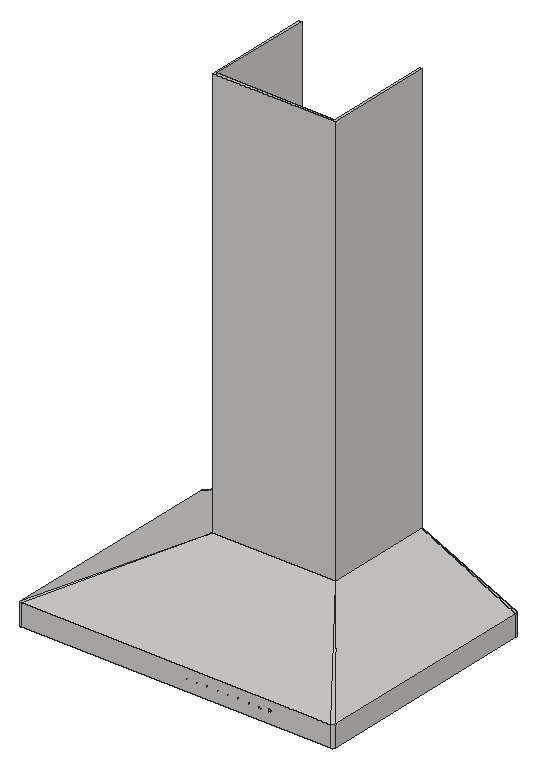
Revit family "fef2e2e671fe4ef48a44e0be9d03096d", category Specialty Equipment, Revit 2021
Family settings
  Round Connector Dimension = Use Diameter
  Part Type = Normal
  OmniClass Number = 23.40.40.14
  OmniClass Title = Food Service Equipment
  Work Plane-Based = No
  Always vertical = Yes
  Cut with Voids When Loaded = No
  Shared = No
  Room Calculation Point = No
Parameters (values of type "30"")
  Width = 2' - 6"
  Voltage = 120 V
  Vent Diameter = 0' - 6"
  Type Comments = ""
  Show Label = yes
  Power Consumption = 300 VA
  Label = "Vent Hood"
  Housing Depth = 0' - 2"
  Exhaust Flow = 600 CFM
  Description = "Wall Hood"
  Default Elevation = 0' - 0"
  Chase Width = 0' - 11 3/4"
  Depth = 1' - 10"
  Chase Height [instance] = 3' - 3 1/4"
  Chase Depth [instance] = 0' - 10.3189"
  Assembly Code = "E1090320"
  Vent Screen = Appliance - Vent Screen
  Appliance Finish = Appliance - Stainless Steel
  Amperage = Power Consumption / Voltage  # 2.5 A
Types (2): name | Width
  36" | 3' - 0"
  30" | 2' - 6"
Reference planes (in)
  plane 1 "Chase Front": y = 1.80709
  plane 2: z = 0
  plane 3 "Center (Left/Right)": x = 0
  plane 4 "Left": x = -15
  plane 5 "Right": x = 15
  plane 6 "Back": y = 12.12598
  plane 7 "Front Edge": y = -9.87402
  plane 8 "B.O. Chase": z = 6
  plane 9 "Ceiling": z = 45.25
  plane 10: x = -5.875
  plane 11: x = 5.875
  plane 12 "Transition": z = 2
  plane 13 "Chase Extension": z = 12
  plane 14: y = -4.87402
  plane 15 "Lights": y = -4.76772
  plane 16: y = -19.87402
Forms (in)
  Extrusion 1, solid, material "Appliance - Stainless Steel" <- "Appliance Finish"
    sketch origin (0, 0, 0) x (1, 0, 0) y (0, 1, 0)
      loop
        arc (-14.75, 12.12598) -> (-14.92678, 12.05276) -> (-15, 11.87598) r 0.25
        line (-15, 11.87598) -> (-15, -9.62402)
        arc (-15, -9.62402) -> (-14.92678, -9.80079) -> (-14.75, -9.87402) r 0.25
        line (-14.75, -9.87402) -> (14.75, -9.87402)
        arc (14.75, -9.87402) -> (14.92678, -9.80079) -> (15, -9.62402) r 0.25
        line (15, -9.62402) -> (15, 11.87598)
        arc (15, 11.87598) -> (14.92678, 12.05276) -> (14.75, 12.12598) r 0.25
        line (14.75, 12.12598) -> (-14.75, 12.12598)
      loop
        line (-13, 11.12598) -> (-13, -7.76772) -> (13, -7.76772) -> (13, 11.12598) -> (-13, 11.12598)
    from 0 to 2
  Blend 2, solid, material "Appliance - Stainless Steel" <- "Appliance Finish"
    base sketch origin (0, 0, 2) x (0, -1, 0) y (1, 0, 0)
      loop
        arc (-12.12598, -14.75) -> (-12.05276, -14.92678) -> (-11.87598, -15) r 0.25
        line (-11.87598, -15) -> (9.62402, -15)
        arc (9.62402, -15) -> (9.80079, -14.92678) -> (9.87402, -14.75) r 0.25
        line (9.87402, -14.75) -> (9.87402, 14.75)
        arc (9.87402, 14.75) -> (9.80079, 14.92678) -> (9.62402, 15) r 0.25
        line (9.62402, 15) -> (-11.87598, 15)
        arc (-11.87598, 15) -> (-12.05276, 14.92678) -> (-12.12598, 14.75) r 0.25
        line (-12.12598, 14.75) -> (-12.12598, -14.75)
    top sketch origin (0, 0, 2) x (0, -1, 0) y (1, 0, 0)
      loop
        line (-12.12598, -5.875) -> (-1.80709, -5.875) -> (-1.80709, 5.875) -> (-12.12598, 5.875) -> (-12.12598, -5.875)
    from 0 to 4
  Extrusion 3, solid, material "Appliance - Stainless Steel" <- "Appliance Finish"
    sketch origin (0, 0, 6) x (-1, 0, 0) y (0, -1, 0)
      loop
        line (5.875, -12.12598) -> (5.875, -1.80709) -> (-5.875, -1.80709) -> (-5.875, -12.12598) -> (-5.625, -12.12598) -> (-5.625, -2.05709) -> (5.625, -2.05709) -> (5.625, -12.12598) -> (5.875, -12.12598)
    from 6 to 39.25
  Extrusion 4, void
    sketch origin (0, -9.87402, 0) x (-1, 0, 0) y (0, 0, 1)
      loop
        line (-0.99117, 1.1378) -> (-1.23132, 1.1378) -> (-1.23132, 1.05512) -> (-0.99117, 1.05512) -> (-0.99117, 1.1378)
      loop
        line (-1.97542, 1.1378) -> (-2.21558, 1.1378) -> (-2.21558, 1.05512) -> (-1.97542, 1.05512) -> (-1.97542, 1.1378)
      loop
        line (-2.95968, 1.1378) -> (-3.19983, 1.1378) -> (-3.19983, 1.05512) -> (-2.95968, 1.05512) -> (-2.95968, 1.1378)
      loop
        line (-3.94393, 1.1378) -> (-4.18408, 1.1378) -> (-4.18408, 1.05512) -> (-3.94393, 1.05512) -> (-3.94393, 1.1378)
      loop
        line (-4.92818, 1.1378) -> (-5.16833, 1.1378) -> (-5.16833, 1.05512) -> (-4.92818, 1.05512) -> (-4.92818, 1.1378)
      loop
        line (-5.91243, 1.1378) -> (-6.164, 1.1378) -> (-6.164, 1.05512) -> (-5.91243, 1.05512) -> (-5.91243, 1.1378)
      loop
        line (-7.88093, 1.1378) -> (-8.12108, 1.1378) -> (-8.12108, 1.05512) -> (-7.88093, 1.05512) -> (-7.88093, 1.1378)
      loop
        line (-8.86913, 1.28741) -> (-9.10141, 1.28741) -> (-9.10141, 1.05512) -> (-8.86913, 1.05512) -> (-8.86913, 1.28741)
    from 0 to 0.0625
  Extrusion 5, void
    sketch origin (0, -9.87402, 0) x (-1, 0, 0) y (0, 0, 1)
      loop
        line (-6.89669, 1.1378) -> (-7.13684, 1.1378) -> (-7.13684, 1.05512) -> (-6.89669, 1.05512) -> (-6.89669, 1.1378)
    from 0 to 0.0625
  Extrusion 6, solid, material "Appliance - Stainless Steel" <- "Appliance Finish"
    sketch origin (0, 0, 6) x (-1, 0, 0) y (0, -1, 0)
      loop
        line (5.875, -12.12598) -> (5.875, -1.80709) -> (-5.875, -1.80709) -> (-5.875, -12.12598) -> (5.875, -12.12598)
    from 0 to 6
  Extrusion 7, solid, material "Appliance - Vent Screen" <- "Vent Screen", detail levels medium+fine
    sketch origin (0, 0, 0) x (1, 0, 0) y (0, 1, 0)
      loop
        line (-13, 11.12598) -> (-13, -7.76772) -> (13, -7.76772) -> (13, 11.12598) -> (-13, 11.12598)
      loop
        circle (-5.875, -4.87402) r 1.5
      loop
        circle (5.875, -4.87402) r 1.5
    from 1 to 1.5
  Extrusion 8, solid, material "Appliance - Stainless Steel" <- "Appliance Finish", detail levels fine
    sketch origin (0, 12.12598, 0) x (-1, 0, 0) y (0, 0, 1)
      loop
        line (1, 1) -> (-1, 1) -> (-1, 0.5) -> (1, 0.5) -> (1, 1)
    from -19.8937 to -1
Cuts and joins
  Extrusion 4, Extrusion 5 cuts Extrusion 1
  joined: Extrusion 1, Blend 2, Extrusion 3, Extrusion 6
Lines and regions (in)
  Split face 1
    outline origin (-5.875, 12.12598, 12) x (-1, 0, 0) y (0, -1, 0)
      loop
        circle (-5.875, 5.15945) r 3
  Split face 2
    outline origin (14.75, 12.12598, 2) x (0, 0, -1) y (-1, 0, 0)
      loop
        circle (0.03149, 14.68014) r 0.5
  symbolic lines, style "Appliances - Hidden"
    curve 1: line (-5.875, 1.80709, 6) -> (-5.875, 12.12598, 6)
    curve 2: line (5.875, 1.80709, 6) -> (-5.875, 1.80709, 6)
    curve 3: line (5.875, 12.12598, 6) -> (5.875, 1.80709, 6)
    curve 4: line (-15, 12.12598, 6) -> (15, 12.12598, 6)
    curve 5: line (-15, 12.12598, 6) -> (-15, -9.87402, 6)
    curve 6: line (-15, -9.87402, 6) -> (15, -9.87402, 6)
    curve 7: line (15, 12.12598, 6) -> (15, -9.87402, 6)
    curve 8: line (-5.875, 1.80709, 6) -> (-15, -9.87402, 6)
    curve 9: line (5.875, 1.80709, 6) -> (15, -9.87402, 6)
Dimensions and locks (in)
  equal spacing: plane 4 "Left", plane 3 "Center (Left/Right)", plane 5 "Right"
  "Width": plane 4 "Left" to plane 5 "Right"
  equal spacing: plane 11, plane 3 "Center (Left/Right)", plane 10
  "Chase Width": plane 11 to plane 10
  "Chase Depth": plane 6 "Back" to plane 1 "Chase Front"
  "Chase Height": plane 9 "Ceiling" to plane 8 "B.O. Chase"
  locked: plane 8 "B.O. Chase" to level at 6
  Extrusion 1 sketch curve to plane 5 "Right" = 0' - 2"
  locked: plane 6 "Back" to Extrusion 1 sketch curve at 1
  Extrusion 1 sketch curve to plane 7 "Front Edge" = 0' - 2.1063"
  locked: plane 4 "Left" to Extrusion 1 sketch curve at 2
  locked: plane 13 "Chase Extension" to plane 8 "B.O. Chase" at 6
  equal spacing: plane 6 "Back", Split face 1 sketch curve, plane 1 "Chase Front"
  "Vent Diameter": Split face 1 sketch curve to Split face 1 sketch curve
  locked: plane 14 to plane 7 "Front Edge" at 5
  Extrusion 7 to Extrusion 7 to level = 0' - 0 1/2" locked, 0' - 1" locked
  Extrusion 8 sketch curve to plane 3 "Center (Left/Right)" to Extrusion 8 sketch curve = 0' - 1" locked, 0' - 1" locked
  Extrusion 8 sketch curve to Extrusion 8 sketch curve to level = 0' - 0 1/2" locked, 0' - 0 1/2" locked
  "Housing Depth": plane 12 "Transition" to level
  "Depth": plane 6 "Back" to plane 7 "Front Edge"
  locked: plane 15 "Lights" to plane 7 "Front Edge" at 5.1063
  locked: plane 7 "Front Edge" to plane 16 at 10
  aligned and locked: plane 2 to level
  aligned and locked: Extrusion 1 sketch curve to plane 6 "Back"
  aligned and locked: Extrusion 1 sketch curve to plane 5 "Right"
  aligned and locked: plane 7 "Front Edge" to Extrusion 1 sketch curve
  aligned and locked: plane 4 "Left" to Extrusion 1 sketch curve
  aligned and locked: Extrusion 1 to plane 12 "Transition"
  aligned and locked: Blend 2 sketch curve to Extrusion 1  (x4)
  aligned and locked: Blend 2 sketch curve to plane 6 "Back"
  aligned and locked: plane 10 to Blend 2 sketch curve
  aligned and locked: Blend 2 sketch curve to plane 1 "Chase Front"
  aligned and locked: Blend 2 sketch curve to plane 11
  aligned and locked: plane 12 "Transition" to Blend 2
  aligned and locked: plane 8 "B.O. Chase" to Blend 2
  aligned and locked: plane 6 "Back" to Extrusion 3 sketch curve  (x2)
  aligned and locked: plane 11 to Extrusion 3 sketch curve
  aligned and locked: plane 1 "Chase Front" to Extrusion 3 sketch curve
  aligned and locked: Extrusion 3 sketch curve to plane 10
  aligned and locked: plane 9 "Ceiling" to Extrusion 3
  aligned and locked: Extrusion 6 sketch curve to plane 1 "Chase Front"
  aligned and locked: Extrusion 6 sketch curve to plane 6 "Back"
  aligned and locked: plane 10 to Extrusion 6 sketch curve
  aligned and locked: Extrusion 6 sketch curve to plane 11
  aligned and locked: plane 13 "Chase Extension" to Extrusion 6
  aligned and locked: Extrusion 3 to Extrusion 6
  aligned and locked: Extrusion 6 to plane 8 "B.O. Chase"
  aligned and locked: plane 3 "Center (Left/Right)" to Split face 1 sketch curve
  aligned and locked: plane 10 to Extrusion 7 sketch curve
  aligned and locked: plane 11 to Extrusion 7 sketch curve
  aligned and locked: plane 14 to Extrusion 7 sketch curve  (x2)
  aligned and locked: nested 3 to plane 15 "Lights"
  aligned and locked: plane 10 to nested 3
  aligned and locked: plane 11 to nested 2
  aligned and locked: nested 2 to plane 15 "Lights"
  aligned and locked: Extrusion 8 to cut or joined group of Extrusion 1, Blend 2, Extrusion 3, Extrusion 4, Extrusion 5, Extrusion 6  (x2)
  aligned and locked: plane 3 "Center (Left/Right)" to nested 1
  aligned and locked: nested 1 to plane 16
  aligned and locked: curve 3 to plane 11
  aligned and locked: curve 2 to plane 1 "Chase Front"
  aligned and locked: plane 10 to curve 1
  aligned and locked: Extrusion 4 to plane 7 "Front Edge"
  aligned and locked: Extrusion 5 to plane 7 "Front Edge"
  aligned and locked: curve 4 to plane 6 "Back"
  aligned and locked: curve 5 to plane 4 "Left"
  aligned and locked: curve 6 to plane 7 "Front Edge"
  aligned and locked: curve 7 to plane 5 "Right"
Automatic sketch dimensions
  plane 4 "Left" to Extrusion 1 sketch curve = 0' - 0 1/4"  (x2)
  Extrusion 1 sketch curve to plane 5 "Right" = 0' - 0 1/4"  (x2)
  plane 12 "Transition" to Extrusion 4 sketch curve = 0' - 0.71259"
  plane 11 to Extrusion 4 sketch curve = 0' - 3.22641"
  Extrusion 4 sketch curve to Extrusion 4 sketch curve = 0' - 0.23229"  (x2)
  Extrusion 4 sketch curve to Extrusion 4 sketch curve = 0' - 0.74805"
  Extrusion 4 sketch curve to Extrusion 4 sketch curve = 0' - 0.24015"  (x6)
  plane 11 to Extrusion 4 sketch curve = 0' - 0.289"
  plane 11 to Extrusion 4 sketch curve = 0' - 0.03743"
  Extrusion 4 sketch curve to plane 11 = 0' - 0.70667"
  Extrusion 4 sketch curve to Extrusion 4 sketch curve = 0' - 0.7441"  (x4)
  plane 12 "Transition" to Extrusion 4 sketch curve = 0' - 0.8622"
  Extrusion 4 sketch curve to Extrusion 4 sketch curve = 0' - 0"  (x4)
  Extrusion 4 sketch curve to Extrusion 4 sketch curve = 0' - 0.1496"
  Extrusion 4 sketch curve to Extrusion 4 sketch curve = 0' - 0.08268"  (x7)
  plane 12 "Transition" to Extrusion 4 sketch curve = 0' - 0.94488"
  plane 11 to Extrusion 5 sketch curve = 0' - 1.26184"
  plane 11 to Extrusion 5 sketch curve = 0' - 1.02169"
  plane 12 "Transition" to Extrusion 5 sketch curve = 0' - 0.94488"
  Extrusion 5 sketch curve to Extrusion 5 sketch curve = 0' - 0.08268"
  Extrusion 3 sketch curve to Extrusion 3 sketch curve = 0' - 0 1/4"
  plane 10 to Extrusion 3 sketch curve = 0' - 0 1/4"
  Extrusion 3 sketch curve to plane 1 "Chase Front" = 0' - 0 1/4"
  cut or joined group of Extrusion 1, Blend 2, Extrusion 3, Extrusion 4, Extrusion 5, Extrusion 6 to Split face 2 sketch curve = 0' - 5.69486"
  cut or joined group of Extrusion 1, Blend 2, Extrusion 3, Extrusion 4, Extrusion 5, Extrusion 6 to Split face 2 sketch curve = 0' - 0.03149"
  plane 4 "Left" to Extrusion 7 sketch curve = 0' - 2"
  Extrusion 7 sketch curve to plane 5 "Right" = 0' - 2"
  plane 7 "Front Edge" to Extrusion 7 sketch curve = 0' - 2.1063"
  Extrusion 7 sketch curve to plane 6 "Back" = 0' - 1"
  radius of Split face 2 sketch curve = 0' - 0 1/2"
  radius of Extrusion 7 sketch curve = 0' - 1 1/2"  (x2)
Nested families (in)
  nested 1: "Label Annotation 3-32" at (0, -19.87402, 0), visible <- "Show Label", type "Label Annotation 3-32"
  nested 2: "Hood Light" at (5.875, -4.76772, 1), type "Hood Light", detail levels fine
  nested 3: "Hood Light" at (-5.875, -4.76772, 1), type "Hood Light", detail levels fine
Connectors (in)
  hvac at (0, 6.96654, 12), driven by "Vent Diameter", driven by "Exhaust Flow"
    settings: on cut or joined group of Extrusion 1, Blend 2, Extrusion 3, Extrusion 4, Extrusion 5, Extrusion 6, index 1, duct flow 600 CFM, flow factor 0, pres drop 0.00 in-wg, loss coef 0, conn angle 0.00°, conn width 12", conn height 12", conn diameter 6", duct sys type 3, conn prof type 0, flow config 1, flow direction 2, loss method 0, conn ref index -1, conn util no, is conn primary yes, conn desc "Hood Exhaust"
  electrical at (0.06986, 12.12598, 1.96851), driven by "Voltage", driven by "Power Consumption"
    settings: on cut or joined group of Extrusion 1, Blend 2, Extrusion 3, Extrusion 4, Extrusion 5, Extrusion 6, index 2, voltage 120 V, apparent load 300 VA, apparent load phase1 0 VA, apparent load phase2 0 VA, apparent load phase3 0 VA, power factor 1, load classification "Appliance", number of poles 1, system type 30, power factor state 1, is connector primary yes, connector utility no, sub classification motor no, connector description "Vent Hood Power"
Definition of nested family "Hood Light"
  Parameters (values of type "Hood Light")
    Wattage = 12.1178 W
    built-in parameter 1150110 = 1 (stored number, unit not read)
    built-in parameter 1114217 = 1 (stored number, unit not read)
    Tilt Angle = 90.00°
    built-in parameter 1150109 = 1 (stored number, unit not read)
    built-in parameter 1150134 = 5
    built-in parameter 1150113 = 1 (stored number, unit not read)
    built-in parameter 1010507 = 1.0472 (stored number, unit not read)
    built-in parameter 1010506 = 0.5236 (stored number, unit not read)
    Lumens = 1800 lm
    built-in parameter 1150115 = 1 (stored number, unit not read)
    built-in parameter 1150105 = 6018.4 (stored number, unit not read)
    Light Source Symbol Length = 3' - 0"
    Light Radius = 0' - 1 1/2"
    built-in parameter 1150137 = (empty or 0)
    built-in parameter 1150139 = (empty or 0)
    Light Fixture = none
    built-in parameter 1150112 = 1 (stored number, unit not read)
    built-in parameter 1150114 = 1 (stored number, unit not read)
    Lamp = "LED"
    built-in parameter 1150132 = 2
    built-in parameter 1150102 = (empty or 0)
    built-in parameter 1150138 = (empty or 0)
    built-in parameter 1150107 = 6000 (stored number, unit not read)
    built-in parameter 1150106 = 60.184 (stored number, unit not read)
    built-in parameter 1150104 = 13.8 (stored number, unit not read)
    Dimming Lamp Color Temperature Shift = (empty or 0)
    Default Elevation = 4' - 0"
    Color Filter = 16777215
    built-in parameter 1114218 = 1 (stored number, unit not read)
    built-in parameter 1150133 = 10 (stored number, unit not read)
  Reference planes (in)
    plane 1 "Light Source Axis (F/B)": y = 0
    plane 2: z = 0
    plane 3 "Light Source Axis (L/R)": x = 0
    plane 4 "Light Source Elevation": z = -0.48439
  Forms (in)
    Revolve 1, solid, material <- "Light Fixture", detail levels medium+fine
      sketch origin (0, 0, 0) x (1, 0, 0) y (0, 0, 1)
        loop
          line (-1.5, 0) -> (-1.61028, 0) -> (-1.61028, -0.125)
          arc (-1.61028, -0.125) -> (-1.54778, -0.1875) -> (-1.48528, -0.125) r 0.0625
          line (-1.48528, -0.125) -> (0, -0.125) -> (0, 0.53889) -> (-1.38972, 0.53889) -> (-1.5, 0.06123) -> (-1.5, 0)
        axis (0, -0.125) -> (0, 0.53889)
      angle from 0 to 360
  Dimensions and locks (in)
    locked: level to imposter light at 0.48439
    "Light Radius": plane 3 "Light Source Axis (L/R)" to Revolve 1 sketch curve
    equal spacing: Revolve 1 sketch curve, Revolve 1 sketch curve, Revolve 1 sketch curve
    aligned and locked: plane 1 "Light Source Axis (F/B)" to imposter light
    aligned and locked: plane 4 "Light Source Elevation" to imposter light
    aligned and locked: level to plane 2
  Automatic sketch dimensions
    Revolve 1 sketch curve to level = 0' - 0"  (x2)
    Revolve 1 sketch curve to plane 3 "Light Source Axis (L/R)" = 0' - 0"  (x2)
    Revolve 1 sketch curve to Revolve 1 sketch curve = 0' - 0.04778"
    Revolve 1 sketch curve to Revolve 1 sketch curve = 0' - 0.11028"
    Revolve 1 sketch curve to Revolve 1 sketch curve = 0' - 0 1/8"
    level to Revolve 1 sketch curve = 0' - 0.06123"
    level to Revolve 1 sketch curve = 0' - 0.53889"
    plane 4 "Light Source Elevation" to Revolve 1 sketch curve = 0' - 1 33/64"
Definition of nested family "Label Annotation 3-32"
  Parameters
    Label = "Vent Hood"
  Reference planes (in)
    plane 1: y = 0
    plane 2: x = 0
  Text (in)
    label "Label" at (0.00375, -0.00345, 0), shows "Label"
